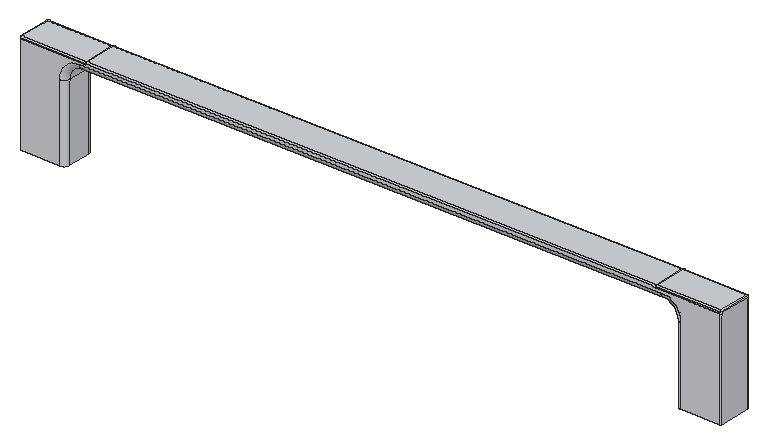
Revit family "Accessory-Towel_Bar-KOHLER-STRAYT-K-98419T", category Specialty Equipment, host Face, Revit 2017
Family settings
  Host = Face
  Round Connector Dimension = Use Diameter
  Part Type = Normal
  OmniClass Number = 23.31.25.25
  OmniClass Title = Towel Bars
  Cut with Voids When Loaded = No
  Shared = No
  Room Calculation Point = No
Parameters (values of type "CP-Polished chrome")
  pattren = or(Type = 2, Type = 3)  # no
  Without pattern = Type = 1  # yes
  Width = 18"  # constant formula
  WaterSense Certified = 1 = 0  # no
  URL = "http://www.kohler.com.cn/"
  Type = 1
  Product Page URL = "https://www.kohler.com.cn/product/K-98419T-CP/K-98419T-CP/"
  Product Name = "STRAYT"  # constant formula
  Product Documentation Link = "https://files.kohler.com.cn/pdfs/ri_98419t.pdf"
  Model = if(Type = 1, "K-98419T-CP", if(Type = 2, "K-98419T-DPR-CP", if(Type = 3, "K-98419T-DPW-CP", "NA")))  # "K-98419T-CP"
  Material = "Metal construction"  # constant formula
  Master Format 2014 Name = "Toilet, Bath, and Laundry Accessories"  # constant formula
  Master Format 2014 = "10 28 00"  # constant formula
  Manufacturer Address = "Kohler Beijing Office (100016)\n36-2-03-B, No. 88, Liuxiang Road, Beijing"  # constant formula
  Manufacturer = "KOHLER Co."  # constant formula
  Length = 2 51/64"  # constant formula
  Height = 121/128"  # constant formula
  Finish = Kohler-Metal-CP-Polished_Chrome
  Environmental Product Declaration = ""
  Description = " 18"  # constant formula
  Default Elevation = 42"
  Declare Label = ""
  Date Modified = "10/14/2020"  # constant formula
  Date Created = "10/14/2020"  # constant formula
  Copyright = "Copyright KOHLER Co."  # constant formula
  Contact Us = "http://www.kohler.com.cn/contact/contact-us/"
  Assembly Code = "C1030200"
  ADA Compliant = 1 = 0  # no
Reference planes (in)
  plane 1 "Center (Front/Back)": y = 0
  plane 2: z = 0
  plane 3 "Center (Left/Right)": x = 0
  plane 4: x = -9.62992
  plane 5: x = -9
  plane 6: x = -8.37008
  plane 7: y = -0.47266
  plane 8: y = 0.47266
  plane 9: x = 9.62992
  plane 10: x = 9
  plane 11: x = 8.37008
  plane 12: z = 2.79687
Dimensions and locks (in)
  "Width": plane 5 to plane 10
  locked: plane 4 to plane 6 at 1.25984
  equal spacing: plane 4, plane 5, plane 6
  equal spacing: plane 7, plane 1 "Center (Front/Back)", plane 8
  "Height": plane 7 to plane 8
  locked: plane 11 to plane 9 at 1.25984
  equal spacing: plane 11, plane 10, plane 9
  "Length": level to plane 12
  aligned and locked: plane 2 to host face
  aligned and locked: level to host face
  aligned and locked: plane 3 "Center (Left/Right)" to nested 1
  aligned and locked: plane 1 "Center (Front/Back)" to nested 1
  aligned and locked: plane 4 to nested 1
  aligned and locked: plane 5 to nested 1
  aligned and locked: plane 6 to nested 1
  aligned and locked: plane 7 to nested 1
  aligned and locked: plane 8 to nested 1
  aligned and locked: plane 9 to nested 1
  aligned and locked: plane 10 to nested 1
  aligned and locked: plane 11 to nested 1
  aligned and locked: plane 12 to nested 1
Automatic sketch dimensions
  host sketch curve to host sketch curve = 96"  (x2)
Nested families (in)
  nested 1: "K-98419T" at (0, -0.00022, 0.0016), type "K-98419T"
Definition of nested family "K-98419T"
  Parameters (values of type "K-98419T")
    Without Pattern = yes
    Pattern = yes
    Material = none
  Reference planes (in)
    plane 1 "Center (Front/Back)": y = 0
    plane 2: z = 0
    plane 3 "Center (Left/Right)": x = 0
    plane 4: x = -9
    plane 5: x = 9
    plane 6: y = 0.47244
    plane 7: y = -0.47244
    plane 8: x = -9.62992
    plane 9: x = -8.37008
    plane 10: x = 8.37008
    plane 11: x = 9.62992
    plane 12: z = 2.51969
    plane 13: z = 2.79528
  Forms (in)
    Extrusion 1, solid, detail levels medium+fine
      sketch origin (0, 0, 0) x (1, 0, 0) y (0, 0, 1)
        loop
          line (-9.62992, 0) -> (-8.56693, 0) -> (-8.56693, 2.12598)
          arc (-8.56693, 2.12598) -> (-8.39396, 2.54357) -> (-7.97638, 2.71654) r 0.59055
          line (-7.97638, 2.71654) -> (7.97638, 2.71654)
          arc (7.97638, 2.71654) -> (8.39396, 2.54357) -> (8.56693, 2.12598) r 0.59055
          line (8.56693, 2.12598) -> (8.56693, 0) -> (9.62992, 0) -> (9.62992, 2.73228) -> (7.8189, 2.73228) -> (7.8189, 2.79528) -> (-7.8189, 2.79528) -> (-7.8189, 2.73228) -> (-9.62992, 2.73228) -> (-9.62992, 0)
      from -0.47244 to 0.47244
    Sweep 2, solid, detail levels medium+fine
      path in 3D
        loop
          line (-8.56693, -0.47244, 0) -> (-8.56693, -0.47244, 2.12598)
          arc (-8.56693, -0.47244, 2.12598) -> (-8.39396, -0.47244, 2.54357) -> (-7.97638, -0.47244, 2.71654) r 0.59055
          line (-7.97638, -0.47244, 2.71654) -> (7.97638, -0.47244, 2.71654)
          arc (7.97638, -0.47244, 2.71654) -> (8.39396, -0.47244, 2.54357) -> (8.56693, -0.47244, 2.12598) r 0.59055
          line (8.56693, -0.47244, 2.12598) -> (8.56693, -0.47244, 0)
      profile origin (-8.56693, -0.47244, 1.06299) x (0, -1, 0) y (1, 0, 0)
        loop
          line (0, 0) -> (0, 0.03937)
          arc (0, 0.03937) -> (-0.04612, 0.15073) -> (-0.15748, 0.19685) r 0.15748
          line (-0.15748, 0.19685) -> (-0.7874, 0.19685)
          arc (-0.7874, 0.19685) -> (-0.89876, 0.15073) -> (-0.94488, 0.03937) r 0.15748
          line (-0.94488, 0.03937) -> (-0.94488, 0) -> (0, 0)
    Sweep 3, void
      path in 3D
        loop
          line (-9.62992, -0.47244, 2.82622) -> (-9.62992, -0.47244, 0)
      profile origin (-9.62992, -0.47244, 1.41311) x (-1, 0, 0) y (0, -1, 0)
        loop
          line (0, -0.0315) -> (0, 0) -> (-0.0315, 0)
          arc (-0.0315, 0) -> (-0.00922, -0.00922) -> (0, -0.0315) r 0.0315
    Sweep 4, void
      path in 3D
        loop
          line (-9.62992, 0.47244, 2.79528) -> (-9.62992, 0.47244, 0)
      profile origin (-9.62992, 0.47244, 1.39764) x (-1, 0, 0) y (0, -1, 0)
        loop
          arc (0, 0.0315) -> (-0.00922, 0.00922) -> (-0.0315, 0) r 0.0315
          line (-0.0315, 0) -> (0, 0) -> (0, 0.0315)
    Sweep 5, void
      path in 3D
        loop
          line (9.62992, -0.47244, 2.79528) -> (9.62992, -0.47244, 0)
      profile origin (9.62992, -0.47244, 1.39764) x (1, 0, 0) y (0, 1, 0)
        loop
          arc (0, 0.0315) -> (-0.00922, 0.00922) -> (-0.0315, 0) r 0.0315
          line (-0.0315, 0) -> (0, 0) -> (0, 0.0315)
    Sweep 6, void
      path in 3D
        loop
          line (9.62992, 0.47244, 2.79528) -> (9.62992, 0.47244, 0)
      profile origin (9.62992, 0.47244, 1.39764) x (1, 0, 0) y (0, 1, 0)
        loop
          line (0, -0.0315) -> (0, 0) -> (-0.0315, 0)
          arc (-0.0315, 0) -> (-0.00922, -0.00922) -> (0, -0.0315) r 0.0315
    Sweep 7, void
      path in 3D
        loop
          line (7.8189, -0.47244, 2.79528) -> (-7.8189, -0.47244, 2.79528)
      profile origin (0, -0.47244, 2.79528) x (0, -1, 0) y (0, 0, 1)
        loop
          arc (-0.0315, 0) -> (-0.00922, -0.00922) -> (0, -0.0315) r 0.0315
          line (0, -0.0315) -> (0, 0) -> (-0.0315, 0)
    Sweep 8, void
      path in 3D
        loop
          line (7.8189, 0.47244, 2.79528) -> (-7.8189, 0.47244, 2.79528)
      profile origin (0, 0.47244, 2.79528) x (0, -1, 0) y (0, 0, 1)
        loop
          line (0.0315, 0) -> (0, 0) -> (0, -0.0315)
          arc (0, -0.0315) -> (0.00922, -0.00922) -> (0.0315, 0) r 0.0315
    Extrusion 9, solid, visible <- "Pattern", detail levels medium+fine
      sketch origin (0, 0, 0) x (0, 1, 0) y (0, 0, 1)
        loop
          line (0.47244, 2.73228) -> (0.47244, 2.76373)
          arc (0.47244, 2.76373) -> (0.4632, 2.78604) -> (0.4409, 2.79528) r 0.03154
          line (0.4409, 2.79528) -> (-0.44094, 2.79528)
          arc (-0.44094, 2.79528) -> (-0.46322, 2.78605) -> (-0.47244, 2.76378) r 0.0315
          line (-0.47244, 2.76378) -> (-0.47244, 2.73228) -> (0.47244, 2.73228)
      from -9.62992 to -7.8189
    Sweep 10, void
      path in 3D
        loop
          line (-9.62992, -0.52204, 2.79528) -> (-9.62992, 0.51117, 2.79528)
      profile origin (-9.62992, -0.00543, 2.79528) x (-1, 0, 0) y (0, 0, 1)
        loop
          line (0, -0.0315) -> (0, 0) -> (-0.0315, 0)
          arc (-0.0315, 0) -> (-0.00922, -0.00922) -> (0, -0.0315) r 0.0315
    Extrusion 11, void
      sketch origin (0, 0, 0) x (1, 0, 0) y (0, 1, 0)
        loop
          line (-9.39822, 0.37402) -> (-9.49364, 0.37402)
          arc (-9.49364, 0.37402) -> (-9.52984, 0.34858) -> (-9.5182, 0.3059) r 0.03849
          line (-9.5182, 0.3059) -> (-9.32644, 0.14694)
          arc (-9.32644, 0.14694) -> (-9.30729, 0.14621) -> (-9.30161, 0.16452) r 0.01575
          line (-9.30161, 0.16452) -> (-9.37229, 0.35595)
          arc (-9.37229, 0.35595) -> (-9.38242, 0.36905) -> (-9.39822, 0.37402) r 0.02764
        loop
          line (-9.50443, 0.02194) -> (-9.43987, 0.16337)
          arc (-9.43987, 0.16337) -> (-9.43808, 0.18097) -> (-9.44735, 0.19603) r 0.02756
          line (-9.44735, 0.19603) -> (-9.5057, 0.2444)
          arc (-9.5057, 0.2444) -> (-9.52245, 0.24653) -> (-9.5315, 0.23227) r 0.01575
          line (-9.5315, 0.23227) -> (-9.5315, 0.02783)
          arc (-9.5315, 0.02783) -> (-9.52033, 0.01398) -> (-9.50443, 0.02194) r 0.01417
        loop
          line (-9.41017, 0.13363) -> (-9.5052, -0.07455)
          arc (-9.5052, -0.07455) -> (-9.50707, -0.0907) -> (-9.49913, -0.10489) r 0.02641
          line (-9.49913, -0.10489) -> (-9.4575, -0.14347) -> (-9.36624, -0.16067)
          arc (-9.36624, -0.16067) -> (-9.35097, -0.16033) -> (-9.33716, -0.15383) r 0.03686
          line (-9.33716, -0.15383) -> (-9.23234, -0.07444)
          arc (-9.23234, -0.07444) -> (-9.22342, -0.0615) -> (-9.22397, -0.04579) r 0.02505
          line (-9.22397, -0.04579) -> (-9.25411, 0.03584) -> (-9.38033, 0.14047)
          arc (-9.38033, 0.14047) -> (-9.39694, 0.14442) -> (-9.41017, 0.13363) r 0.01928
        loop
          line (-9.4125, -0.23887) -> (-9.50504, -0.15309)
          arc (-9.50504, -0.15309) -> (-9.52205, -0.15021) -> (-9.5315, -0.16464) r 0.01575
          line (-9.5315, -0.16464) -> (-9.5315, -0.3189)
          arc (-9.5315, -0.3189) -> (-9.52298, -0.33288) -> (-9.50665, -0.33175) r 0.01575
          line (-9.50665, -0.33175) -> (-9.41431, -0.26638)
          arc (-9.41431, -0.26638) -> (-9.40686, -0.25306) -> (-9.4125, -0.23887) r 0.01776
        loop
          line (-9.38311, -0.29253) -> (-9.46657, -0.35161)
          arc (-9.46657, -0.35161) -> (-9.4712, -0.36542) -> (-9.45944, -0.37402) r 0.01233
          line (-9.45944, -0.37402) -> (-9.30151, -0.37402)
          arc (-9.30151, -0.37402) -> (-9.2888, -0.36535) -> (-9.29223, -0.35036) r 0.01365
          line (-9.29223, -0.35036) -> (-9.35243, -0.29455)
          arc (-9.35243, -0.29455) -> (-9.36741, -0.2881) -> (-9.38311, -0.29253) r 0.02439
        loop
          line (-9.26306, -0.18012) -> (-8.98411, -0.23269)
          arc (-8.98411, -0.23269) -> (-8.96776, -0.22533) -> (-8.96904, -0.20745) r 0.01566
          line (-8.96904, -0.20745) -> (-9.09579, -0.05105)
          arc (-9.09579, -0.05105) -> (-9.11238, -0.04188) -> (-9.13067, -0.04682) r 0.02526
          line (-9.13067, -0.04682) -> (-9.26965, -0.15209)
          arc (-9.26965, -0.15209) -> (-9.27547, -0.16825) -> (-9.26306, -0.18012) r 0.01575
        loop
          line (-9.28122, 0.34935) -> (-8.8955, 0.1214)
          arc (-8.8955, 0.1214) -> (-8.88051, 0.12255) -> (-8.87642, 0.13702) r 0.01313
          line (-8.87642, 0.13702) -> (-8.95274, 0.35632)
          arc (-8.95274, 0.35632) -> (-8.96236, 0.36914) -> (-8.97764, 0.37402) r 0.02636
          line (-8.97764, 0.37402) -> (-9.27447, 0.37402)
          arc (-9.27447, 0.37402) -> (-9.28726, 0.36425) -> (-9.28122, 0.34935) r 0.01326
        loop
          line (-9.30653, 0.29151) -> (-9.19255, -0.01722)
          arc (-9.19255, -0.01722) -> (-9.18155, -0.02748) -> (-9.16675, -0.02476) r 0.01673
          line (-9.16675, -0.02476) -> (-8.99539, 0.10503)
          arc (-8.99539, 0.10503) -> (-8.98808, 0.12086) -> (-8.99715, 0.13574) r 0.01852
          line (-8.99715, 0.13574) -> (-9.28755, 0.30735)
          arc (-9.28755, 0.30735) -> (-9.30263, 0.30613) -> (-9.30653, 0.29151) r 0.01312
        loop
          line (-8.95302, 0.08773) -> (-9.06261, 0.00473)
          arc (-9.06261, 0.00473) -> (-9.07072, -0.00938) -> (-9.06622, -0.02501) r 0.02084
          line (-9.06622, -0.02501) -> (-8.96826, -0.14589)
          arc (-8.96826, -0.14589) -> (-8.95309, -0.1549) -> (-8.93571, -0.15189) r 0.02547
          line (-8.93571, -0.15189) -> (-8.81992, -0.08487)
          arc (-8.81992, -0.08487) -> (-8.8094, -0.0724) -> (-8.80923, -0.05608) r 0.02411
          line (-8.80923, -0.05608) -> (-8.8377, 0.02575)
          arc (-8.8377, 0.02575) -> (-8.8475, 0.04324) -> (-8.86271, 0.05629) r 0.05739
          line (-8.86271, 0.05629) -> (-8.91919, 0.08967)
          arc (-8.91919, 0.08967) -> (-8.9364, 0.09385) -> (-8.95302, 0.08773) r 0.03041
        loop
          line (-8.84106, 0.15518) -> (-8.77553, -0.03314)
          arc (-8.77553, -0.03314) -> (-8.76423, -0.04467) -> (-8.74813, -0.04331) r 0.01895
          line (-8.74813, -0.04331) -> (-8.57364, 0.0577)
          arc (-8.57364, 0.0577) -> (-8.56537, 0.07364) -> (-8.57634, 0.08787) r 0.0167
          line (-8.57634, 0.08787) -> (-8.82013, 0.17587)
          arc (-8.82013, 0.17587) -> (-8.83712, 0.17213) -> (-8.84106, 0.15518) r 0.0163
        loop
          line (-8.58178, 0.34566) -> (-8.66334, 0.18845)
          arc (-8.66334, 0.18845) -> (-8.66433, 0.16972) -> (-8.65089, 0.15664) r 0.0227
          line (-8.65089, 0.15664) -> (-8.44582, 0.08261)
          arc (-8.44582, 0.08261) -> (-8.43103, 0.08642) -> (-8.42918, 0.10158) r 0.01355
          line (-8.42918, 0.10158) -> (-8.55556, 0.34565)
          arc (-8.55556, 0.34565) -> (-8.56867, 0.35362) -> (-8.58178, 0.34566) r 0.01477
        loop
          line (-8.70146, 0.20046) -> (-8.623, 0.35171)
          arc (-8.623, 0.35171) -> (-8.6235, 0.36667) -> (-8.63656, 0.37402) r 0.01528
          line (-8.63656, 0.37402) -> (-8.88244, 0.37402)
          arc (-8.88244, 0.37402) -> (-8.90259, 0.36362) -> (-8.90578, 0.34118) r 0.02471
          line (-8.90578, 0.34118) -> (-8.87654, 0.25714)
          arc (-8.87654, 0.25714) -> (-8.86525, 0.23902) -> (-8.84727, 0.22753) r 0.04839
          line (-8.84727, 0.22753) -> (-8.73545, 0.18716)
          arc (-8.73545, 0.18716) -> (-8.71596, 0.18742) -> (-8.70146, 0.20046) r 0.0277
        loop
          line (-8.51741, 0.04476) -> (-8.61638, -0.01253)
          arc (-8.61638, -0.01253) -> (-8.6316, -0.02569) -> (-8.64093, -0.04353) r 0.0538
          line (-8.64093, -0.04353) -> (-8.66274, -0.11569)
          arc (-8.66274, -0.11569) -> (-8.66176, -0.13759) -> (-8.64729, -0.15404) r 0.03301
          line (-8.64729, -0.15404) -> (-8.50967, -0.23121)
          arc (-8.50967, -0.23121) -> (-8.48717, -0.23522) -> (-8.46705, -0.22438) r 0.03475
          line (-8.46705, -0.22438) -> (-8.35607, -0.10329)
          arc (-8.35607, -0.10329) -> (-8.34473, -0.079) -> (-8.34934, -0.0526) r 0.04464
          line (-8.34934, -0.0526) -> (-8.3791, 0.00487)
          arc (-8.3791, 0.00487) -> (-8.38865, 0.01706) -> (-8.40199, 0.02493) r 0.04174
          line (-8.40199, 0.02493) -> (-8.46892, 0.04909)
          arc (-8.46892, 0.04909) -> (-8.49365, 0.05229) -> (-8.51741, 0.04476) r 0.05769
        loop
          line (-8.3969, 0.12486) -> (-8.31976, -0.02411)
          arc (-8.31976, -0.02411) -> (-8.30472, -0.03468) -> (-8.28745, -0.0284) r 0.01988
          line (-8.28745, -0.0284) -> (-8.22444, 0.04035)
          arc (-8.22444, 0.04035) -> (-8.21404, 0.08844) -> (-8.25081, 0.12113) r 0.04878
          line (-8.25081, 0.12113) -> (-8.38017, 0.14708)
          arc (-8.38017, 0.14708) -> (-8.39553, 0.14124) -> (-8.3969, 0.12486) r 0.01543
        loop
          line (-7.99507, 0.06983) -> (-8.14469, 0.09984)
          arc (-8.14469, 0.09984) -> (-8.16311, 0.09595) -> (-8.17295, 0.07989) r 0.02382
          line (-8.17295, 0.07989) -> (-8.19616, -0.0811)
          arc (-8.19616, -0.0811) -> (-8.17707, -0.11755) -> (-8.13647, -0.11084) r 0.03512
          line (-8.13647, -0.11084) -> (-7.9862, 0.04073)
          arc (-7.9862, 0.04073) -> (-7.98194, 0.05793) -> (-7.99507, 0.06983) r 0.01727
        loop
          line (-8.27296, -0.33776) -> (-8.23394, -0.06718)
          arc (-8.23394, -0.06718) -> (-8.24202, -0.05212) -> (-8.25879, -0.0554) r 0.01439
          line (-8.25879, -0.0554) -> (-8.42895, -0.24108)
          arc (-8.42895, -0.24108) -> (-8.43524, -0.26203) -> (-8.42271, -0.27998) r 0.02513
          line (-8.42271, -0.27998) -> (-8.29781, -0.35002)
          arc (-8.29781, -0.35002) -> (-8.28215, -0.35043) -> (-8.27296, -0.33776) r 0.0168
        loop
          line (-8.21142, -0.18685) -> (-8.23503, -0.35056)
          arc (-8.23503, -0.35056) -> (-8.23022, -0.36693) -> (-8.21471, -0.37402) r 0.02053
          line (-8.21471, -0.37402) -> (-8.0647, -0.37402)
          arc (-8.0647, -0.37402) -> (-8.05034, -0.36512) -> (-8.05192, -0.3483) r 0.01603
          line (-8.05192, -0.3483) -> (-8.18032, -0.17882)
          arc (-8.18032, -0.17882) -> (-8.19854, -0.17248) -> (-8.21142, -0.18685) r 0.0174
        loop
          line (-7.9342, -0.27931) -> (-8.05869, -0.2373)
          arc (-8.05869, -0.2373) -> (-8.07248, -0.24173) -> (-8.0723, -0.2562) r 0.01218
          line (-8.0723, -0.2562) -> (-7.98304, -0.37402) -> (-7.94447, -0.37402)
          arc (-7.94447, -0.37402) -> (-7.92528, -0.36606) -> (-7.91732, -0.34686) r 0.02715
          line (-7.91732, -0.34686) -> (-7.91732, -0.30283)
          arc (-7.91732, -0.30283) -> (-7.92198, -0.28836) -> (-7.9342, -0.27931) r 0.02482
        loop
          line (-8.11183, -0.17782) -> (-7.94173, -0.23522)
          arc (-7.94173, -0.23522) -> (-7.92503, -0.23272) -> (-7.91733, -0.2177) r 0.01849
          line (-7.91733, -0.2177) -> (-7.91736, 0.021)
          arc (-7.91736, 0.021) -> (-7.92584, 0.03366) -> (-7.94077, 0.03064) r 0.01369
          line (-7.94077, 0.03064) -> (-8.11868, -0.14882)
          arc (-8.11868, -0.14882) -> (-8.1233, -0.16522) -> (-8.11183, -0.17782) r 0.01756
        loop
          line (-8.08031, 0.21778) -> (-7.94818, 0.10125)
          arc (-7.94818, 0.10125) -> (-7.92826, 0.09825) -> (-7.91732, 0.11518) r 0.01857
          line (-7.91732, 0.11518) -> (-7.91732, 0.35328)
          arc (-7.91732, 0.35328) -> (-7.9234, 0.36794) -> (-7.93806, 0.37402) r 0.02073
          line (-7.93806, 0.37402) -> (-7.98498, 0.37402)
          arc (-7.98498, 0.37402) -> (-8.00175, 0.36987) -> (-8.01464, 0.35837) r 0.03595
          line (-8.01464, 0.35837) -> (-8.08501, 0.25555)
          arc (-8.08501, 0.25555) -> (-8.08982, 0.23578) -> (-8.08031, 0.21778) r 0.02873
        loop
          line (-8.11677, 0.27887) -> (-8.06888, 0.34883)
          arc (-8.06888, 0.34883) -> (-8.06793, 0.36543) -> (-8.08216, 0.37402) r 0.01609
          line (-8.08216, 0.37402) -> (-8.22103, 0.37402)
          arc (-8.22103, 0.37402) -> (-8.23391, 0.36512) -> (-8.23014, 0.34993) r 0.01377
          line (-8.23014, 0.34993) -> (-8.14551, 0.27529)
          arc (-8.14551, 0.27529) -> (-8.13033, 0.2706) -> (-8.11677, 0.27887) r 0.01933
        loop
          line (-8.41842, 0.19491) -> (-8.07281, 0.12558)
          arc (-8.07281, 0.12558) -> (-8.05827, 0.13271) -> (-8.06139, 0.1486) r 0.0133
          line (-8.06139, 0.1486) -> (-8.30205, 0.36086)
          arc (-8.30205, 0.36086) -> (-8.31826, 0.37062) -> (-8.33686, 0.37402) r 0.05262
          line (-8.33686, 0.37402) -> (-8.49651, 0.37402)
          arc (-8.49651, 0.37402) -> (-8.51179, 0.36542) -> (-8.51239, 0.3479) r 0.01789
          line (-8.51239, 0.3479) -> (-8.44261, 0.21312)
          arc (-8.44261, 0.21312) -> (-8.43258, 0.20126) -> (-8.41842, 0.19491) r 0.03498
        loop
          line (-9.04917, -0.2799) -> (-9.09395, -0.34977)
          arc (-9.09395, -0.34977) -> (-9.09451, -0.36582) -> (-9.08069, -0.37402) r 0.01575
          line (-9.08069, -0.37402) -> (-8.86473, -0.37402)
          arc (-8.86473, -0.37402) -> (-8.85153, -0.36568) -> (-8.85337, -0.35018) r 0.01463
          line (-8.85337, -0.35018) -> (-8.89338, -0.30081)
          arc (-8.89338, -0.30081) -> (-8.90537, -0.29042) -> (-8.92022, -0.28479) r 0.04536
          line (-8.92022, -0.28479) -> (-9.01787, -0.26639)
          arc (-9.01787, -0.26639) -> (-9.03559, -0.26836) -> (-9.04917, -0.2799) r 0.03048
        loop
          line (-8.71384, -0.06895) -> (-8.90347, -0.17872)
          arc (-8.90347, -0.17872) -> (-8.91585, -0.19628) -> (-8.91055, -0.21709) r 0.02567
          line (-8.91055, -0.21709) -> (-8.80151, -0.35163)
          arc (-8.80151, -0.35163) -> (-8.78587, -0.3573) -> (-8.77354, -0.34614) r 0.01613
          line (-8.77354, -0.34614) -> (-8.6944, -0.08434)
          arc (-8.6944, -0.08434) -> (-8.69888, -0.07003) -> (-8.71384, -0.06895) r 0.01333
        loop
          line (-8.69889, -0.23528) -> (-8.73396, -0.35129)
          arc (-8.73396, -0.35129) -> (-8.73124, -0.3669) -> (-8.71709, -0.37402) r 0.01763
          line (-8.71709, -0.37402) -> (-8.60234, -0.37402)
          arc (-8.60234, -0.37402) -> (-8.58793, -0.3671) -> (-8.5843, -0.35154) r 0.01848
          line (-8.5843, -0.35154) -> (-8.6093, -0.23867)
          arc (-8.6093, -0.23867) -> (-8.65279, -0.20239) -> (-8.69889, -0.23528) r 0.04634
        loop
          line (-8.56092, -0.275) -> (-8.54435, -0.34983)
          arc (-8.54435, -0.34983) -> (-8.53354, -0.36722) -> (-8.51422, -0.37402) r 0.03086
          line (-8.51422, -0.37402) -> (-8.3874, -0.37402)
          arc (-8.3874, -0.37402) -> (-8.37428, -0.36389) -> (-8.38077, -0.34863) r 0.01356
          line (-8.38077, -0.34863) -> (-8.53991, -0.25939)
          arc (-8.53991, -0.25939) -> (-8.55547, -0.26039) -> (-8.56092, -0.275) r 0.01434
        loop
          arc (-9.22472, -0.35925) -> (-9.17976, -0.37367) -> (-9.13986, -0.34844) r 0.05577
          line (-9.13986, -0.34844) -> (-9.0923, -0.27422)
          arc (-9.0923, -0.27422) -> (-9.0911, -0.25949) -> (-9.10264, -0.25025) r 0.01575
          line (-9.10264, -0.25025) -> (-9.34978, -0.20368)
          arc (-9.34978, -0.20368) -> (-9.36676, -0.21206) -> (-9.3634, -0.2307) r 0.01575
          line (-9.3634, -0.2307) -> (-9.22472, -0.35925)
      from 2.71772 to 3.0253
    Extrusion 12, solid, visible <- "Pattern", detail levels medium+fine
      sketch origin (0, 0, 0) x (0, 1, 0) y (0, 0, -1)
        loop
          line (0.47244, -2.73228) -> (-0.47244, -2.73228) -> (-0.47244, -2.76378)
          arc (-0.47244, -2.76378) -> (-0.46322, -2.78605) -> (-0.44094, -2.79528) r 0.0315
          line (-0.44094, -2.79528) -> (0.4409, -2.79528)
          arc (0.4409, -2.79528) -> (0.4632, -2.78604) -> (0.47244, -2.76373) r 0.03154
          line (0.47244, -2.76373) -> (0.47244, -2.73228)
      from -9.62992 to -7.8189
    Extrusion 13, void
      sketch origin (0, 0, 0) x (-1, 0, 0) y (0, -1, 0)
        loop
          arc (-9.39822, -0.37402) -> (-9.38242, -0.36905) -> (-9.37229, -0.35595) r 0.02764
          line (-9.37229, -0.35595) -> (-9.30161, -0.16452)
          arc (-9.30161, -0.16452) -> (-9.30729, -0.14621) -> (-9.32644, -0.14694) r 0.01575
          line (-9.32644, -0.14694) -> (-9.5182, -0.3059)
          arc (-9.5182, -0.3059) -> (-9.52984, -0.34858) -> (-9.49364, -0.37402) r 0.03849
          line (-9.49364, -0.37402) -> (-9.39822, -0.37402)
        loop
          arc (-9.50443, -0.02194) -> (-9.52033, -0.01398) -> (-9.5315, -0.02783) r 0.01417
          line (-9.5315, -0.02783) -> (-9.5315, -0.23227)
          arc (-9.5315, -0.23227) -> (-9.52245, -0.24653) -> (-9.5057, -0.2444) r 0.01575
          line (-9.5057, -0.2444) -> (-9.44735, -0.19603)
          arc (-9.44735, -0.19603) -> (-9.43808, -0.18097) -> (-9.43987, -0.16337) r 0.02756
          line (-9.43987, -0.16337) -> (-9.50443, -0.02194)
        loop
          arc (-9.41017, -0.13363) -> (-9.39694, -0.14442) -> (-9.38033, -0.14047) r 0.01928
          line (-9.38033, -0.14047) -> (-9.25411, -0.03584) -> (-9.22397, 0.04579)
          arc (-9.22397, 0.04579) -> (-9.22342, 0.0615) -> (-9.23234, 0.07444) r 0.02505
          line (-9.23234, 0.07444) -> (-9.33716, 0.15383)
          arc (-9.33716, 0.15383) -> (-9.35097, 0.16033) -> (-9.36624, 0.16067) r 0.03686
          line (-9.36624, 0.16067) -> (-9.4575, 0.14347) -> (-9.49913, 0.10489)
          arc (-9.49913, 0.10489) -> (-9.50707, 0.0907) -> (-9.5052, 0.07455) r 0.02641
          line (-9.5052, 0.07455) -> (-9.41017, -0.13363)
        loop
          arc (-9.4125, 0.23887) -> (-9.40686, 0.25306) -> (-9.41431, 0.26638) r 0.01776
          line (-9.41431, 0.26638) -> (-9.50665, 0.33175)
          arc (-9.50665, 0.33175) -> (-9.52298, 0.33288) -> (-9.5315, 0.3189) r 0.01575
          line (-9.5315, 0.3189) -> (-9.5315, 0.16464)
          arc (-9.5315, 0.16464) -> (-9.52205, 0.15021) -> (-9.50504, 0.15309) r 0.01575
          line (-9.50504, 0.15309) -> (-9.4125, 0.23887)
        loop
          arc (-9.38311, 0.29253) -> (-9.36741, 0.2881) -> (-9.35243, 0.29455) r 0.02439
          line (-9.35243, 0.29455) -> (-9.29223, 0.35036)
          arc (-9.29223, 0.35036) -> (-9.2888, 0.36535) -> (-9.30151, 0.37402) r 0.01365
          line (-9.30151, 0.37402) -> (-9.45944, 0.37402)
          arc (-9.45944, 0.37402) -> (-9.4712, 0.36542) -> (-9.46657, 0.35161) r 0.01233
          line (-9.46657, 0.35161) -> (-9.38311, 0.29253)
        loop
          arc (-9.26306, 0.18012) -> (-9.27547, 0.16825) -> (-9.26965, 0.15209) r 0.01575
          line (-9.26965, 0.15209) -> (-9.13067, 0.04682)
          arc (-9.13067, 0.04682) -> (-9.11238, 0.04188) -> (-9.09579, 0.05105) r 0.02526
          line (-9.09579, 0.05105) -> (-8.96904, 0.20745)
          arc (-8.96904, 0.20745) -> (-8.96776, 0.22533) -> (-8.98411, 0.23269) r 0.01566
          line (-8.98411, 0.23269) -> (-9.26306, 0.18012)
        loop
          arc (-9.28122, -0.34935) -> (-9.28726, -0.36425) -> (-9.27447, -0.37402) r 0.01326
          line (-9.27447, -0.37402) -> (-8.97764, -0.37402)
          arc (-8.97764, -0.37402) -> (-8.96236, -0.36914) -> (-8.95274, -0.35632) r 0.02636
          line (-8.95274, -0.35632) -> (-8.87642, -0.13702)
          arc (-8.87642, -0.13702) -> (-8.88051, -0.12255) -> (-8.8955, -0.1214) r 0.01313
          line (-8.8955, -0.1214) -> (-9.28122, -0.34935)
        loop
          arc (-9.30653, -0.29151) -> (-9.30263, -0.30613) -> (-9.28755, -0.30735) r 0.01312
          line (-9.28755, -0.30735) -> (-8.99715, -0.13574)
          arc (-8.99715, -0.13574) -> (-8.98808, -0.12086) -> (-8.99539, -0.10503) r 0.01852
          line (-8.99539, -0.10503) -> (-9.16675, 0.02476)
          arc (-9.16675, 0.02476) -> (-9.18155, 0.02748) -> (-9.19255, 0.01722) r 0.01673
          line (-9.19255, 0.01722) -> (-9.30653, -0.29151)
        loop
          arc (-8.95302, -0.08773) -> (-8.9364, -0.09385) -> (-8.91919, -0.08967) r 0.03041
          line (-8.91919, -0.08967) -> (-8.86271, -0.05629)
          arc (-8.86271, -0.05629) -> (-8.8475, -0.04324) -> (-8.8377, -0.02575) r 0.05739
          line (-8.8377, -0.02575) -> (-8.80923, 0.05608)
          arc (-8.80923, 0.05608) -> (-8.8094, 0.0724) -> (-8.81992, 0.08487) r 0.02411
          line (-8.81992, 0.08487) -> (-8.93571, 0.15189)
          arc (-8.93571, 0.15189) -> (-8.95309, 0.1549) -> (-8.96826, 0.14589) r 0.02547
          line (-8.96826, 0.14589) -> (-9.06622, 0.02501)
          arc (-9.06622, 0.02501) -> (-9.07072, 0.00938) -> (-9.06261, -0.00473) r 0.02084
          line (-9.06261, -0.00473) -> (-8.95302, -0.08773)
        loop
          arc (-8.84106, -0.15518) -> (-8.83712, -0.17213) -> (-8.82013, -0.17587) r 0.0163
          line (-8.82013, -0.17587) -> (-8.57634, -0.08787)
          arc (-8.57634, -0.08787) -> (-8.56537, -0.07364) -> (-8.57364, -0.0577) r 0.0167
          line (-8.57364, -0.0577) -> (-8.74813, 0.04331)
          arc (-8.74813, 0.04331) -> (-8.76423, 0.04467) -> (-8.77553, 0.03314) r 0.01895
          line (-8.77553, 0.03314) -> (-8.84106, -0.15518)
        loop
          arc (-8.58178, -0.34566) -> (-8.56867, -0.35362) -> (-8.55556, -0.34565) r 0.01477
          line (-8.55556, -0.34565) -> (-8.42918, -0.10158)
          arc (-8.42918, -0.10158) -> (-8.43103, -0.08642) -> (-8.44582, -0.08261) r 0.01355
          line (-8.44582, -0.08261) -> (-8.65089, -0.15664)
          arc (-8.65089, -0.15664) -> (-8.66433, -0.16972) -> (-8.66334, -0.18845) r 0.0227
          line (-8.66334, -0.18845) -> (-8.58178, -0.34566)
        loop
          arc (-8.70146, -0.20046) -> (-8.71596, -0.18742) -> (-8.73545, -0.18716) r 0.0277
          line (-8.73545, -0.18716) -> (-8.84727, -0.22753)
          arc (-8.84727, -0.22753) -> (-8.86525, -0.23902) -> (-8.87654, -0.25714) r 0.04839
          line (-8.87654, -0.25714) -> (-8.90578, -0.34118)
          arc (-8.90578, -0.34118) -> (-8.90259, -0.36362) -> (-8.88244, -0.37402) r 0.02471
          line (-8.88244, -0.37402) -> (-8.63656, -0.37402)
          arc (-8.63656, -0.37402) -> (-8.6235, -0.36667) -> (-8.623, -0.35171) r 0.01528
          line (-8.623, -0.35171) -> (-8.70146, -0.20046)
        loop
          arc (-8.51741, -0.04476) -> (-8.49365, -0.05229) -> (-8.46892, -0.04909) r 0.05769
          line (-8.46892, -0.04909) -> (-8.40199, -0.02493)
          arc (-8.40199, -0.02493) -> (-8.38865, -0.01706) -> (-8.3791, -0.00487) r 0.04174
          line (-8.3791, -0.00487) -> (-8.34934, 0.0526)
          arc (-8.34934, 0.0526) -> (-8.34473, 0.079) -> (-8.35607, 0.10329) r 0.04464
          line (-8.35607, 0.10329) -> (-8.46705, 0.22438)
          arc (-8.46705, 0.22438) -> (-8.48717, 0.23522) -> (-8.50967, 0.23121) r 0.03475
          line (-8.50967, 0.23121) -> (-8.64729, 0.15404)
          arc (-8.64729, 0.15404) -> (-8.66176, 0.13759) -> (-8.66274, 0.11569) r 0.03301
          line (-8.66274, 0.11569) -> (-8.64093, 0.04353)
          arc (-8.64093, 0.04353) -> (-8.6316, 0.02569) -> (-8.61638, 0.01253) r 0.0538
          line (-8.61638, 0.01253) -> (-8.51741, -0.04476)
        loop
          arc (-8.3969, -0.12486) -> (-8.39553, -0.14124) -> (-8.38017, -0.14708) r 0.01543
          line (-8.38017, -0.14708) -> (-8.25081, -0.12113)
          arc (-8.25081, -0.12113) -> (-8.21404, -0.08844) -> (-8.22444, -0.04035) r 0.04878
          line (-8.22444, -0.04035) -> (-8.28745, 0.0284)
          arc (-8.28745, 0.0284) -> (-8.30472, 0.03468) -> (-8.31976, 0.02411) r 0.01988
          line (-8.31976, 0.02411) -> (-8.3969, -0.12486)
        loop
          arc (-7.99507, -0.06983) -> (-7.98194, -0.05793) -> (-7.9862, -0.04073) r 0.01727
          line (-7.9862, -0.04073) -> (-8.13647, 0.11084)
          arc (-8.13647, 0.11084) -> (-8.17707, 0.11755) -> (-8.19616, 0.0811) r 0.03512
          line (-8.19616, 0.0811) -> (-8.17295, -0.07989)
          arc (-8.17295, -0.07989) -> (-8.16311, -0.09595) -> (-8.14469, -0.09984) r 0.02382
          line (-8.14469, -0.09984) -> (-7.99507, -0.06983)
        loop
          arc (-8.27296, 0.33776) -> (-8.28215, 0.35043) -> (-8.29781, 0.35002) r 0.0168
          line (-8.29781, 0.35002) -> (-8.42271, 0.27998)
          arc (-8.42271, 0.27998) -> (-8.43524, 0.26203) -> (-8.42895, 0.24108) r 0.02513
          line (-8.42895, 0.24108) -> (-8.25879, 0.0554)
          arc (-8.25879, 0.0554) -> (-8.24202, 0.05212) -> (-8.23394, 0.06718) r 0.01439
          line (-8.23394, 0.06718) -> (-8.27296, 0.33776)
        loop
          arc (-8.21142, 0.18685) -> (-8.19854, 0.17248) -> (-8.18032, 0.17882) r 0.0174
          line (-8.18032, 0.17882) -> (-8.05192, 0.3483)
          arc (-8.05192, 0.3483) -> (-8.05034, 0.36512) -> (-8.0647, 0.37402) r 0.01603
          line (-8.0647, 0.37402) -> (-8.21471, 0.37402)
          arc (-8.21471, 0.37402) -> (-8.23022, 0.36693) -> (-8.23503, 0.35056) r 0.02053
          line (-8.23503, 0.35056) -> (-8.21142, 0.18685)
        loop
          arc (-7.9342, 0.27931) -> (-7.92198, 0.28836) -> (-7.91732, 0.30283) r 0.02482
          line (-7.91732, 0.30283) -> (-7.91732, 0.34686)
          arc (-7.91732, 0.34686) -> (-7.92528, 0.36606) -> (-7.94447, 0.37402) r 0.02715
          line (-7.94447, 0.37402) -> (-7.98304, 0.37402) -> (-8.0723, 0.2562)
          arc (-8.0723, 0.2562) -> (-8.07248, 0.24173) -> (-8.05869, 0.2373) r 0.01218
          line (-8.05869, 0.2373) -> (-7.9342, 0.27931)
        loop
          arc (-8.11183, 0.17782) -> (-8.1233, 0.16522) -> (-8.11868, 0.14882) r 0.01756
          line (-8.11868, 0.14882) -> (-7.94077, -0.03064)
          arc (-7.94077, -0.03064) -> (-7.92584, -0.03366) -> (-7.91736, -0.021) r 0.01369
          line (-7.91736, -0.021) -> (-7.91733, 0.2177)
          arc (-7.91733, 0.2177) -> (-7.92503, 0.23272) -> (-7.94173, 0.23522) r 0.01849
          line (-7.94173, 0.23522) -> (-8.11183, 0.17782)
        loop
          arc (-8.08031, -0.21778) -> (-8.08982, -0.23578) -> (-8.08501, -0.25555) r 0.02873
          line (-8.08501, -0.25555) -> (-8.01464, -0.35837)
          arc (-8.01464, -0.35837) -> (-8.00175, -0.36987) -> (-7.98498, -0.37402) r 0.03595
          line (-7.98498, -0.37402) -> (-7.93806, -0.37402)
          arc (-7.93806, -0.37402) -> (-7.9234, -0.36794) -> (-7.91732, -0.35328) r 0.02073
          line (-7.91732, -0.35328) -> (-7.91732, -0.11518)
          arc (-7.91732, -0.11518) -> (-7.92826, -0.09825) -> (-7.94818, -0.10125) r 0.01857
          line (-7.94818, -0.10125) -> (-8.08031, -0.21778)
        loop
          arc (-8.11677, -0.27887) -> (-8.13033, -0.2706) -> (-8.14551, -0.27529) r 0.01933
          line (-8.14551, -0.27529) -> (-8.23014, -0.34993)
          arc (-8.23014, -0.34993) -> (-8.23391, -0.36512) -> (-8.22103, -0.37402) r 0.01377
          line (-8.22103, -0.37402) -> (-8.08216, -0.37402)
          arc (-8.08216, -0.37402) -> (-8.06793, -0.36543) -> (-8.06888, -0.34883) r 0.01609
          line (-8.06888, -0.34883) -> (-8.11677, -0.27887)
        loop
          arc (-8.41842, -0.19491) -> (-8.43258, -0.20126) -> (-8.44261, -0.21312) r 0.03498
          line (-8.44261, -0.21312) -> (-8.51239, -0.3479)
          arc (-8.51239, -0.3479) -> (-8.51179, -0.36542) -> (-8.49651, -0.37402) r 0.01789
          line (-8.49651, -0.37402) -> (-8.33686, -0.37402)
          arc (-8.33686, -0.37402) -> (-8.31826, -0.37062) -> (-8.30205, -0.36086) r 0.05262
          line (-8.30205, -0.36086) -> (-8.06139, -0.1486)
          arc (-8.06139, -0.1486) -> (-8.05827, -0.13271) -> (-8.07281, -0.12558) r 0.0133
          line (-8.07281, -0.12558) -> (-8.41842, -0.19491)
        loop
          arc (-9.04917, 0.2799) -> (-9.03559, 0.26836) -> (-9.01787, 0.26639) r 0.03048
          line (-9.01787, 0.26639) -> (-8.92022, 0.28479)
          arc (-8.92022, 0.28479) -> (-8.90537, 0.29042) -> (-8.89338, 0.30081) r 0.04536
          line (-8.89338, 0.30081) -> (-8.85337, 0.35018)
          arc (-8.85337, 0.35018) -> (-8.85153, 0.36568) -> (-8.86473, 0.37402) r 0.01463
          line (-8.86473, 0.37402) -> (-9.08069, 0.37402)
          arc (-9.08069, 0.37402) -> (-9.09451, 0.36582) -> (-9.09395, 0.34977) r 0.01575
          line (-9.09395, 0.34977) -> (-9.04917, 0.2799)
        loop
          arc (-8.71384, 0.06895) -> (-8.69888, 0.07003) -> (-8.6944, 0.08434) r 0.01333
          line (-8.6944, 0.08434) -> (-8.77354, 0.34614)
          arc (-8.77354, 0.34614) -> (-8.78587, 0.3573) -> (-8.80151, 0.35163) r 0.01613
          line (-8.80151, 0.35163) -> (-8.91055, 0.21709)
          arc (-8.91055, 0.21709) -> (-8.91585, 0.19628) -> (-8.90347, 0.17872) r 0.02567
          line (-8.90347, 0.17872) -> (-8.71384, 0.06895)
        loop
          arc (-8.69889, 0.23528) -> (-8.65279, 0.20239) -> (-8.6093, 0.23867) r 0.04634
          line (-8.6093, 0.23867) -> (-8.5843, 0.35154)
          arc (-8.5843, 0.35154) -> (-8.58793, 0.3671) -> (-8.60234, 0.37402) r 0.01848
          line (-8.60234, 0.37402) -> (-8.71709, 0.37402)
          arc (-8.71709, 0.37402) -> (-8.73124, 0.3669) -> (-8.73396, 0.35129) r 0.01763
          line (-8.73396, 0.35129) -> (-8.69889, 0.23528)
        loop
          arc (-8.56092, 0.275) -> (-8.55547, 0.26039) -> (-8.53991, 0.25939) r 0.01434
          line (-8.53991, 0.25939) -> (-8.38077, 0.34863)
          arc (-8.38077, 0.34863) -> (-8.37428, 0.36389) -> (-8.3874, 0.37402) r 0.01356
          line (-8.3874, 0.37402) -> (-8.51422, 0.37402)
          arc (-8.51422, 0.37402) -> (-8.53354, 0.36722) -> (-8.54435, 0.34983) r 0.03086
          line (-8.54435, 0.34983) -> (-8.56092, 0.275)
        loop
          line (-9.22472, 0.35925) -> (-9.3634, 0.2307)
          arc (-9.3634, 0.2307) -> (-9.36676, 0.21206) -> (-9.34978, 0.20368) r 0.01575
          line (-9.34978, 0.20368) -> (-9.10264, 0.25025)
          arc (-9.10264, 0.25025) -> (-9.0911, 0.25949) -> (-9.0923, 0.27422) r 0.01575
          line (-9.0923, 0.27422) -> (-9.13986, 0.34844)
          arc (-9.13986, 0.34844) -> (-9.17976, 0.37367) -> (-9.22472, 0.35925) r 0.05577
      from 2.71772 to 3.0253
    Sweep 14, void
      path in 3D
        loop
          line (9.62992, -0.52204, 2.79528) -> (9.62992, 0.51117, 2.79528)
      profile origin (9.62992, -0.00543, 2.79528) x (-1, 0, 0) y (0, 0, 1)
        loop
          arc (0, -0.0315) -> (0.00922, -0.00922) -> (0.0315, 0) r 0.0315
          line (0.0315, 0) -> (0, 0) -> (0, -0.0315)
    Extrusion 15, solid, material <- "Material", visible <- "Pattern", detail levels medium+fine
      sketch origin (0, 0, 0) x (1, 0, 0) y (0, 1, 0)
        loop
          line (-7.90504, 0.39742) -> (-9.5443, 0.39742) -> (-9.5443, -0.38998) -> (-7.90504, -0.38998) -> (-7.90504, 0.39742)
      from 2.70697 to 2.75197
    Extrusion 16, solid, material <- "Material", visible <- "Pattern", detail levels medium+fine
      sketch origin (0, 0, 0) x (-1, 0, 0) y (0, -1, 0)
        loop
          line (-7.90504, -0.39742) -> (-7.90504, 0.38998) -> (-9.5443, 0.38998) -> (-9.5443, -0.39742) -> (-7.90504, -0.39742)
      from 2.70697 to 2.75197
    Extrusion 17, solid, visible <- "Without Pattern", detail levels medium+fine
      sketch origin (0, 0, 0) x (0, 1, 0) y (0, 0, 1)
        loop
          line (0.47244, 2.73228) -> (0.47244, 2.76373)
          arc (0.47244, 2.76373) -> (0.4632, 2.78604) -> (0.4409, 2.79528) r 0.03154
          line (0.4409, 2.79528) -> (-0.44094, 2.79528)
          arc (-0.44094, 2.79528) -> (-0.46322, 2.78605) -> (-0.47244, 2.76378) r 0.0315
          line (-0.47244, 2.76378) -> (-0.47244, 2.73228) -> (0.47244, 2.73228)
      from -9.62992 to -7.8189
    Extrusion 18, solid, visible <- "Without Pattern", detail levels medium+fine
      sketch origin (0, 0, 0) x (0, 1, 0) y (0, 0, -1)
        loop
          line (0.47244, -2.73228) -> (-0.47244, -2.73228) -> (-0.47244, -2.76378)
          arc (-0.47244, -2.76378) -> (-0.46322, -2.78605) -> (-0.44094, -2.79528) r 0.0315
          line (-0.44094, -2.79528) -> (0.4409, -2.79528)
          arc (0.4409, -2.79528) -> (0.4632, -2.78604) -> (0.47244, -2.76373) r 0.03154
          line (0.47244, -2.76373) -> (0.47244, -2.73228)
      from -9.62992 to -7.8189
    Extrusion 19, solid, detail levels coarse
      sketch origin (0, 0, 0) x (1, 0, 0) y (0, 1, 0)
        loop
          line (-9.62992, 0.47244) -> (-9.62992, -0.47244) -> (9.62992, -0.47244) -> (9.62992, 0.47244) -> (-9.62992, 0.47244)
      from 0 to 2.79528
    Extrusion 20, void
      sketch origin (0, 0, 0) x (1, 0, 0) y (0, 0, 1)
        loop
          line (-8.37008, 0) -> (8.3622, 0) -> (8.3622, 2.51825) -> (-8.37008, 2.51825) -> (-8.37008, 0)
      from -0.59055 to 0.59055
  Cuts and joins
    Sweep 3, Sweep 4, Sweep 5, Sweep 6, Sweep 7, Sweep 8, Extrusion 13 cuts Extrusion 1
    Sweep 3, Sweep 4, Sweep 5, Sweep 6, Sweep 7, Sweep 8, Extrusion 13 cuts Sweep 2
    joined: Extrusion 1, Sweep 2
    Sweep 3, Sweep 4, Sweep 10, Extrusion 11, Extrusion 13, Sweep 14 cuts Extrusion 9
    Sweep 5, Sweep 6, Extrusion 13, Sweep 14 cuts Extrusion 12
    Sweep 3, Sweep 4, Sweep 10 cuts Extrusion 17
    Sweep 5, Sweep 6, Sweep 14 cuts Extrusion 18
    Extrusion 20 cuts Extrusion 19
  Lines and regions (in)
    Masking region 1
      outline origin (0, 0, 0) x (1, 0, 0) y (0, 1, 0)
        loop
          arc (-9.59843, 0.47244) -> (-9.6207, 0.46322) -> (-9.62992, 0.44094) r 0.0315
          line (-9.62992, 0.44094) -> (-9.62992, -0.44094)
          arc (-9.62992, -0.44094) -> (-9.6207, -0.46322) -> (-9.59843, -0.47244) r 0.0315
          line (-9.59843, -0.47244) -> (9.59843, -0.47244)
          arc (9.59843, -0.47244) -> (9.6207, -0.46322) -> (9.62992, -0.44094) r 0.0315
          line (9.62992, -0.44094) -> (9.62992, 0.44094)
          arc (9.62992, 0.44094) -> (9.6207, 0.46322) -> (9.59843, 0.47244) r 0.0315
          line (9.59843, 0.47244) -> (-9.59843, 0.47244)
    Masking region 2
      outline origin (0, 0, 0) x (1, 0, 0) y (0, 0, 1)
        loop
          line (9.62992, 0) -> (9.62992, 2.76378)
          arc (9.62992, 2.76378) -> (9.6207, 2.78605) -> (9.59843, 2.79528) r 0.0315
          line (9.59843, 2.79528) -> (-9.59843, 2.79528)
          arc (-9.59843, 2.79528) -> (-9.6207, 2.78605) -> (-9.62992, 2.76378) r 0.0315
          line (-9.62992, 2.76378) -> (-9.62992, 0) -> (-8.37008, 0) -> (-8.37008, 2.12907)
          arc (-8.37008, 2.12907) -> (-8.25567, 2.40528) -> (-7.97946, 2.51969) r 0.39062
          line (-7.97946, 2.51969) -> (7.97638, 2.51969)
          arc (7.97638, 2.51969) -> (8.25477, 2.40437) -> (8.37008, 2.12598) r 0.3937
          line (8.37008, 2.12598) -> (8.37008, 0) -> (9.62992, 0)
    Masking region 3
      outline origin (0, 0, 0) x (0, 1, 0) y (0, 0, 1)
        loop
          line (0.47244, 0) -> (0.47244, 2.76378)
          arc (0.47244, 2.76378) -> (0.46322, 2.78605) -> (0.44094, 2.79528) r 0.0315
          line (0.44094, 2.79528) -> (-0.44094, 2.79528)
          arc (-0.44094, 2.79528) -> (-0.46322, 2.78605) -> (-0.47244, 2.76378) r 0.0315
          line (-0.47244, 2.76378) -> (-0.47244, 0) -> (0.47244, 0)
    sketch lines
      curve 1: line (-8.56693, -0.47244, 0) -> (-8.56693, -0.47244, 2.12598)
      curve 2: arc (-7.97638, -0.47244, 2.71654) -> (-8.39396, -0.47244, 2.54357) -> (-8.56693, -0.47244, 2.12598) r 0.59055
      curve 3: line (-7.97638, -0.47244, 2.71654) -> (7.97638, -0.47244, 2.71654)
      curve 4: arc (8.56693, -0.47244, 2.12598) -> (8.39396, -0.47244, 2.54357) -> (7.97638, -0.47244, 2.71654) r 0.59055
      curve 5: line (8.56693, -0.47244, 2.12598) -> (8.56693, -0.47244, 0)
      curve 6: line (-9.62992, -0.47244, 2.82622) -> (-9.62992, -0.47244, 0)
      curve 7: line (-9.62992, 0.47244, 2.79528) -> (-9.62992, 0.47244, 0)
      curve 8: line (9.62992, -0.47244, 2.79528) -> (9.62992, -0.47244, 0)
      curve 9: line (9.62992, 0.47244, 2.79528) -> (9.62992, 0.47244, 0)
      curve 10: line (7.8189, -0.47244, 2.79528) -> (-7.8189, -0.47244, 2.79528)
      curve 11: line (7.8189, 0.47244, 2.79528) -> (-7.8189, 0.47244, 2.79528)
      curve 12: line (-9.62992, -0.52204, 2.79528) -> (-9.62992, 0.51117, 2.79528)
      curve 13: line (9.62992, -0.52204, 2.79528) -> (9.62992, 0.51117, 2.79528)
    symbolic lines, detail levels medium+fine
      curve 14: line (-7.8189, 0.47244, 0) -> (-7.8189, -0.47244, 0)
      curve 15: line (-9.62992, 0.44094, 0) -> (9.62992, 0.44094, 0)
      curve 16: line (9.62992, -0.44094, 0) -> (-9.62992, -0.44094, 0)
      curve 17: line (-9.59843, -0.47244, 0) -> (-9.59843, 0.47244, 0)
      curve 18: line (9.59843, -0.47244, 0) -> (9.59843, 0.47244, 0)
      curve 19: line (7.8189, 0.47244, 0) -> (7.8189, -0.47244, 0)
      curve 20: line (9.59843, 0, 2.79528) -> (9.59843, 0, 0)
      curve 21: line (9.62992, 0, 2.76378) -> (-9.62992, 0, 2.76378)
      curve 22: line (8.52756, 0, 0) -> (8.52756, 0, 2.12679)
      curve 23: line (7.97638, 0, 2.67797) -> (-7.97638, 0, 2.67797)
      curve 24: arc (8.52756, 0, 2.12679) -> (8.36612, 0, 2.51653) -> (7.97638, 0, 2.67797) r 0.55118
      curve 25: line (8.37008, 0, 2.12598) -> (8.52756, 0, 2.12598)
      curve 26: line (7.97638, 0, 2.51969) -> (7.97638, 0, 2.67797)
      curve 27: line (7.8189, 0, 2.79528) -> (7.8189, 0, 2.51969)
      curve 28: line (-9.59843, 0, 2.79528) -> (-9.59843, 0, 0)
      curve 29: line (-8.52756, 0, 0) -> (-8.52756, 0, 2.12679)
      curve 30: arc (-8.52756, 0, 2.12679) -> (-8.36612, 0, 2.51653) -> (-7.97638, 0, 2.67797) r 0.55118
      curve 31: line (-8.37008, 0, 2.12598) -> (-8.52756, 0, 2.12598)
      curve 32: line (-7.97638, 0, 2.51969) -> (-7.97638, 0, 2.67797)
      curve 33: line (-7.8189, 0, 2.79528) -> (-7.8189, 0, 2.51969)
      curve 34: line (0, 0.47244, 2.76378) -> (0, -0.47244, 2.76378)
      curve 35: line (0, 0.4409, 2.79528) -> (0, 0.4409, -0.00452)
      curve 36: line (0, -0.44095, 2.79528) -> (0, -0.44095, 0)
    symbolic lines, visible <- "Pattern", detail levels medium+fine
      curve 37: line (-9.5182, 0.3059, 0) -> (-9.32616, 0.14671, 0)
      curve 38: arc (-9.49364, 0.37402, 0) -> (-9.52984, 0.34858, 0) -> (-9.5182, 0.3059, 0) r 0.03849
      curve 39: line (-9.38999, 0.37402, 0) -> (-9.49364, 0.37402, 0)
      curve 40: line (-9.30138, 0.16427, 0) -> (-9.37515, 0.36368, 0)
      curve 41: line (-9.44788, 0.19647, 0) -> (-9.5057, 0.2444, 0)
      curve 42: line (-9.44788, 0.19647, 0) -> (-9.5057, 0.2444, 0)
      curve 43: arc (-9.5057, 0.2444, 0) -> (-9.52245, 0.24653, 0) -> (-9.5315, 0.23227, 0) r 0.01575
      curve 44: line (-9.5315, 0.23227, 0) -> (-9.5315, 0.02783, 0)
      curve 45: arc (-9.5315, 0.02783, 0) -> (-9.52033, 0.01398, 0) -> (-9.50443, 0.02194, 0) r 0.01417
      curve 46: line (-9.50443, 0.02194, 0) -> (-9.44015, 0.16276, 0)
      curve 47: line (-9.41017, 0.13363, 0) -> (-9.5052, -0.07455, 0)
      curve 48: arc (-9.38033, 0.14047, 0) -> (-9.39694, 0.14442, 0) -> (-9.41017, 0.13363, 0) r 0.01928
      curve 49: line (-9.25411, 0.03584, 0) -> (-9.38033, 0.14047, 0)
      curve 50: line (-9.22397, -0.04579, 0) -> (-9.25411, 0.03584, 0)
      curve 51: arc (-9.23234, -0.07444, 0) -> (-9.22342, -0.0615, 0) -> (-9.22397, -0.04579, 0) r 0.02505
      curve 52: line (-9.33716, -0.15383, 0) -> (-9.23234, -0.07444, 0)
      curve 53: line (-9.4575, -0.14347, 0) -> (-9.36624, -0.16067, 0)
      curve 54: arc (-9.36624, -0.16067, 0) -> (-9.35097, -0.16033, 0) -> (-9.33716, -0.15383, 0) r 0.03686
      curve 55: line (-9.49913, -0.10489, 0) -> (-9.4575, -0.14347, 0)
      curve 56: arc (-9.5052, -0.07455, 0) -> (-9.50707, -0.0907, 0) -> (-9.49913, -0.10489, 0) r 0.02641
      curve 57: line (-9.4125, -0.23887, 0) -> (-9.50504, -0.15309, 0)
      curve 58: line (-9.4125, -0.23887, 0) -> (-9.50504, -0.15309, 0)
      curve 59: line (-9.5315, -0.16464, 0) -> (-9.5315, -0.3189, 0)
      curve 60: line (-9.50665, -0.33175, 0) -> (-9.41431, -0.26638, 0)
      curve 61: arc (-9.5315, -0.3189, 0) -> (-9.52298, -0.33288, 0) -> (-9.50665, -0.33175, 0) r 0.01575
      curve 62: arc (-9.41431, -0.26638, 0) -> (-9.40686, -0.25306, 0) -> (-9.4125, -0.23887, 0) r 0.01776
      curve 63: arc (-9.50504, -0.15309, 0) -> (-9.52205, -0.15021, 0) -> (-9.5315, -0.16464, 0) r 0.01575
      curve 64: line (-9.3831, -0.29253, 0) -> (-9.46647, -0.35151, 0)
      curve 65: arc (-9.46657, -0.35161, 0) -> (-9.4712, -0.36542, 0) -> (-9.45944, -0.37402, 0) r 0.01233
      curve 66: line (-9.45944, -0.37402, 0) -> (-9.30151, -0.37402, 0)
      curve 67: arc (-9.30151, -0.37402, 0) -> (-9.2888, -0.36535, 0) -> (-9.29223, -0.35036, 0) r 0.01365
      curve 68: line (-9.29223, -0.35036, 0) -> (-9.3523, -0.29448, 0)
      curve 69: line (-9.3634, -0.2307, 0) -> (-9.22472, -0.35925, 0)
      curve 70: arc (-9.35243, -0.29455, 0) -> (-9.36741, -0.2881, 0) -> (-9.3831, -0.29253, 0) r 0.02439
      curve 71: arc (-9.34978, -0.20368, 0) -> (-9.36676, -0.21206, 0) -> (-9.3634, -0.2307, 0) r 0.01575
      curve 72: line (-9.10264, -0.25025, 0) -> (-9.34978, -0.20368, 0)
      curve 73: arc (-9.22472, -0.35925, 0) -> (-9.17976, -0.37367, 0) -> (-9.13986, -0.34844, 0) r 0.05577
      curve 74: line (-9.13986, -0.34844, 0) -> (-9.0923, -0.27422, 0)
      curve 75: arc (-9.0923, -0.27422, 0) -> (-9.0911, -0.25949, 0) -> (-9.10264, -0.25025, 0) r 0.01575
      curve 76: line (-9.26306, -0.18012, 0) -> (-8.98411, -0.23269, 0)
      curve 77: arc (-9.26965, -0.15209, 0) -> (-9.27547, -0.16825, 0) -> (-9.26306, -0.18012, 0) r 0.01575
      curve 78: line (-9.13067, -0.04682, 0) -> (-9.26965, -0.15209, 0)
      curve 79: arc (-9.09579, -0.05105, 0) -> (-9.11238, -0.04188, 0) -> (-9.13067, -0.04682, 0) r 0.02526
      curve 80: line (-8.96904, -0.20745, 0) -> (-9.09579, -0.05105, 0)
      curve 81: arc (-8.98411, -0.23269, 0) -> (-8.96776, -0.22533, 0) -> (-8.96904, -0.20745, 0) r 0.01566
      curve 82: arc (-9.01787, -0.26639, 0) -> (-9.03559, -0.26836, 0) -> (-9.04917, -0.2799, 0) r 0.03048
      curve 83: line (-8.92022, -0.28479, 0) -> (-9.01787, -0.26639, 0)
      curve 84: line (-9.04917, -0.2799, 0) -> (-9.09395, -0.34977, 0)
      curve 85: arc (-9.09395, -0.34977, 0) -> (-9.09451, -0.36582, 0) -> (-9.08069, -0.37402, 0) r 0.01575
      curve 86: line (-9.08069, -0.37402, 0) -> (-8.86473, -0.37402, 0)
      curve 87: line (-8.85337, -0.35018, 0) -> (-8.89338, -0.30081, 0)
      curve 88: arc (-8.89338, -0.30081, 0) -> (-8.90537, -0.29042, 0) -> (-8.92022, -0.28479, 0) r 0.04536
      curve 89: arc (-8.86473, -0.37402, 0) -> (-8.85153, -0.36568, 0) -> (-8.85337, -0.35018, 0) r 0.01463
      curve 90: arc (-8.80151, -0.35163, 0) -> (-8.78587, -0.3573, 0) -> (-8.77354, -0.34614, 0) r 0.01613
      curve 91: line (-8.77354, -0.34614, 0) -> (-8.6944, -0.08434, 0)
      curve 92: line (-8.91055, -0.21709, 0) -> (-8.80151, -0.35163, 0)
      curve 93: line (-8.71384, -0.06895, 0) -> (-8.90347, -0.17872, 0)
      curve 94: arc (-8.90347, -0.17872, 0) -> (-8.91585, -0.19628, 0) -> (-8.91055, -0.21709, 0) r 0.02567
      curve 95: arc (-8.6944, -0.08434, 0) -> (-8.69888, -0.07003, 0) -> (-8.71384, -0.06895, 0) r 0.01333
      curve 96: line (-8.93571, -0.15189, 0) -> (-8.81992, -0.08487, 0)
      curve 97: arc (-8.96826, -0.14589, 0) -> (-8.95309, -0.1549, 0) -> (-8.93571, -0.15189, 0) r 0.02547
      curve 98: line (-9.06622, -0.02501, 0) -> (-8.96826, -0.14589, 0)
      curve 99: arc (-9.06261, 0.00473, 0) -> (-9.07072, -0.00938, 0) -> (-9.06622, -0.02501, 0) r 0.02084
      curve 100: line (-8.95302, 0.08773, 0) -> (-9.06261, 0.00473, 0)
      curve 101: arc (-8.91919, 0.08967, 0) -> (-8.9364, 0.09385, 0) -> (-8.95302, 0.08773, 0) r 0.03041
      curve 102: line (-8.86271, 0.05629, 0) -> (-8.91919, 0.08967, 0)
      curve 103: arc (-8.8377, 0.02575, 0) -> (-8.8475, 0.04324, 0) -> (-8.86271, 0.05629, 0) r 0.05739
      curve 104: line (-8.80923, -0.05608, 0) -> (-8.8377, 0.02575, 0)
      curve 105: arc (-8.81992, -0.08487, 0) -> (-8.8094, -0.0724, 0) -> (-8.80923, -0.05608, 0) r 0.02411
      curve 106: line (-9.16675, -0.02476, 0) -> (-8.99539, 0.10503, 0)
      curve 107: line (-9.30653, 0.29151, 0) -> (-9.19255, -0.01722, 0)
      curve 108: line (-8.99715, 0.13574, 0) -> (-9.28755, 0.30735, 0)
      curve 109: arc (-9.19255, -0.01722, 0) -> (-9.18155, -0.02748, 0) -> (-9.16675, -0.02476, 0) r 0.01673
      curve 110: arc (-8.99539, 0.10503, 0) -> (-8.98808, 0.12086, 0) -> (-8.99715, 0.13574, 0) r 0.01852
      curve 111: arc (-9.28755, 0.30735, 0) -> (-9.30263, 0.30613, 0) -> (-9.30653, 0.29151, 0) r 0.01312
      curve 112: line (-9.28122, 0.34935, 0) -> (-8.8955, 0.1214, 0)
      curve 113: arc (-9.27447, 0.37402, 0) -> (-9.28726, 0.36425, 0) -> (-9.28122, 0.34935, 0) r 0.01326
      curve 114: line (-8.97764, 0.37402, 0) -> (-9.27447, 0.37402, 0)
      curve 115: arc (-8.95274, 0.35632, 0) -> (-8.96236, 0.36914, 0) -> (-8.97764, 0.37402, 0) r 0.02636
      curve 116: line (-8.87642, 0.13702, 0) -> (-8.95274, 0.35632, 0)
      curve 117: arc (-8.8955, 0.1214, 0) -> (-8.88051, 0.12255, 0) -> (-8.87642, 0.13702, 0) r 0.01313
      curve 118: arc (-8.88244, 0.37402, 0) -> (-8.90259, 0.36362, 0) -> (-8.90578, 0.34118, 0) r 0.02471
      curve 119: line (-8.90578, 0.34118, 0) -> (-8.87654, 0.25714, 0)
      curve 120: arc (-8.87654, 0.25714, 0) -> (-8.86525, 0.23902, 0) -> (-8.84727, 0.22753, 0) r 0.04839
      curve 121: line (-8.84727, 0.22753, 0) -> (-8.73545, 0.18716, 0)
      curve 122: arc (-8.73545, 0.18716, 0) -> (-8.71596, 0.18742, 0) -> (-8.70146, 0.20046, 0) r 0.0277
      curve 123: line (-8.70146, 0.20046, 0) -> (-8.623, 0.35171, 0)
      curve 124: line (-8.63656, 0.37402, 0) -> (-8.88244, 0.37402, 0)
      curve 125: arc (-8.623, 0.35171, 0) -> (-8.6235, 0.36667, 0) -> (-8.63656, 0.37402, 0) r 0.01528
      curve 126: line (-8.58178, 0.34566, 0) -> (-8.66334, 0.18845, 0)
      curve 127: line (-8.65089, 0.15664, 0) -> (-8.44582, 0.08261, 0)
      curve 128: line (-8.42918, 0.10158, 0) -> (-8.55556, 0.34565, 0)
      curve 129: line (-8.42918, 0.10158, 0) -> (-8.55556, 0.34565, 0)
      curve 130: arc (-8.66334, 0.18845, 0) -> (-8.66433, 0.16972, 0) -> (-8.65089, 0.15664, 0) r 0.0227
      curve 131: arc (-8.55556, 0.34565, 0) -> (-8.56867, 0.35362, 0) -> (-8.58178, 0.34566, 0) r 0.01477
      curve 132: arc (-8.44582, 0.08261, 0) -> (-8.43103, 0.08642, 0) -> (-8.42918, 0.10158, 0) r 0.01355
      curve 133: line (-8.84106, 0.15518, 0) -> (-8.77553, -0.03314, 0)
      curve 134: line (-8.57634, 0.08787, 0) -> (-8.82013, 0.17587, 0)
      curve 135: line (-8.74813, -0.04331, 0) -> (-8.57364, 0.0577, 0)
      curve 136: arc (-8.57364, 0.0577, 0) -> (-8.56537, 0.07364, 0) -> (-8.57634, 0.08787, 0) r 0.0167
      curve 137: arc (-8.82013, 0.17587, 0) -> (-8.83712, 0.17213, 0) -> (-8.84106, 0.15518, 0) r 0.0163
      curve 138: arc (-8.77553, -0.03314, 0) -> (-8.76423, -0.04467, 0) -> (-8.74813, -0.04331, 0) r 0.01895
      curve 139: line (-8.64093, -0.04353, 0) -> (-8.66274, -0.11569, 0)
      curve 140: arc (-8.61638, -0.01253, 0) -> (-8.6316, -0.02569, 0) -> (-8.64093, -0.04353, 0) r 0.0538
      curve 141: line (-8.51741, 0.04476, 0) -> (-8.61638, -0.01253, 0)
      curve 142: line (-8.40199, 0.02493, 0) -> (-8.46892, 0.04909, 0)
      curve 143: arc (-8.46892, 0.04909, 0) -> (-8.49365, 0.05229, 0) -> (-8.51741, 0.04476, 0) r 0.05769
      curve 144: line (-8.34929, -0.05242, 0) -> (-8.3791, 0.00487, 0)
      curve 145: line (-8.46705, -0.22438, 0) -> (-8.35607, -0.10329, 0)
